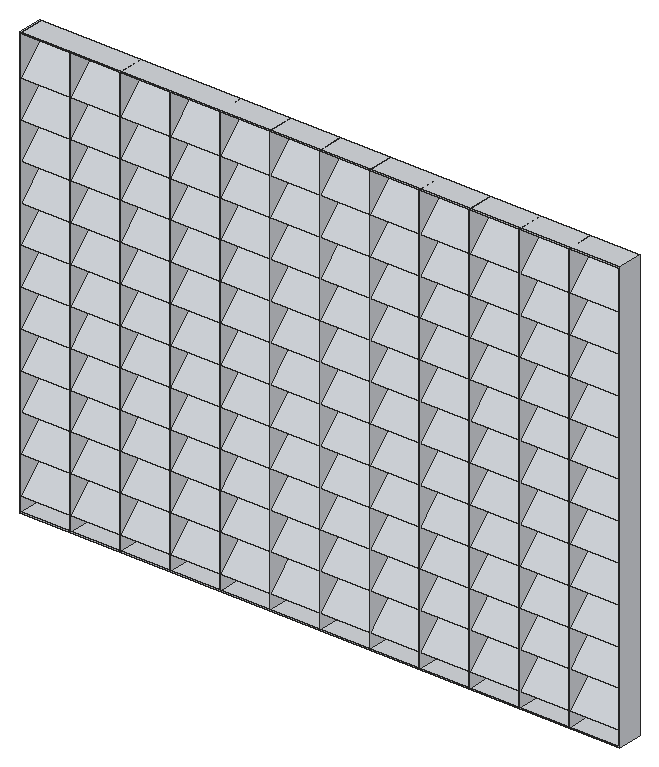
Revit family "Cube Louver Screen", category Mechanical Equipment, Revit 2015
Parameters
  VBar Number [instance] = ((Exact Width / 2) - Frame Thickness) / A  # 6
  VBar Height [instance] = Exact Height - Frame Thickness * 2  # 5' - 8 3/4"
  URL = "http://unitedenertech.com/catalog/pdf/D_7%20Cube%20Louver%20Screen.pdf"
  Type Comments = "Max. Single Section Sizes are (120\"w x 84\"h) or (84\"w x 120\"h)"
  Model = "Cube Louver Screen"
  Manufacturer = "United Enertech Corporation"
  Keynote = "See Submittal for Max. A, B, Depth, and Thickness Values."
  HBar Width [instance] = Exact Width - Frame Thickness * 2  # 7' - 11 3/4"
  HBar Number [instance] = ((Exact Height / 2) - Frame Thickness) / B  # 6
  Frame Thickness = 0' - 0 1/8"
  Exact Width = 8' - 0"
  Exact Height = 5' - 9"
  Description = "Cube Louver Architectural Grille. Bar Frame Shown, consult Factory for Tube or Channel Frame Models."
  Depth = 0' - 4"
  Center Offset [instance] = ((tan(Blade Angle)) * Depth) / 2  # 0' - 2"
  Blade Angle = 45.00°
  B = 0' - 6"
  A = 0' - 8"
Reference planes (in)
  plane 1 "Center (Front/Back)": y = 0
  plane 2: z = 0
  plane 3 "Center (Left/Right)": x = 0
  plane 4: x = -48
  plane 5: x = 48
  plane 6: y = 2
  plane 7: y = -2
  plane 8: z = 69
  plane 9: z = 34.5
  plane 10: x = -47.875
  plane 11: x = 47.875
  plane 12: z = 0.125
  plane 13: z = 68.875
  plane 14: x = 0.0625
  plane 15: z = 32.5
Forms (in)
  Extrusion 1, solid
    sketch origin (0, 0, 0) x (1, 0, 0) y (0, 0, 1)
      loop
        line (-47.875, 68.875) -> (-47.875, 0.125) -> (47.875, 0.125) -> (47.875, 68.875) -> (-47.875, 68.875)
      loop
        line (-48, 69) -> (-48, 0) -> (48, 0) -> (48, 69) -> (-48, 69)
    from -2 to 2
Dimensions and locks (in)
  "Exact Width": plane 4 to plane 5
  "Depth": plane 6 to plane 7
  equal spacing: plane 4, plane 3 "Center (Left/Right)", plane 5
  equal spacing: plane 6, plane 1 "Center (Front/Back)", plane 7
  equal spacing: plane 8, plane 9, level
  "Exact Height": plane 8 to level
  "Frame Thickness": plane 11 to plane 5
  "Frame Thickness": plane 4 to plane 10
  "Frame Thickness": plane 12 to level
  "Frame Thickness": plane 8 to plane 13
  locked: plane 3 "Center (Left/Right)" to plane 14 at 0.0625
  "Center Offset": plane 9 to plane 15
  equal spacing: group 1, group 2, group 3, group 4, group 8, group 21  (x3)
  "B": nested 2 to nested 3
  equal spacing: group 1, group 5, group 6, group 7, group 9, group 22  (x2)
  equal spacing: group 22, group 9, group 7, group 6, group 5, group 1
  "B": nested 6 to nested 2
  equal spacing: group 10, group 11, group 12, group 13, group 17, group 18  (x3)
  "A": nested 1 to nested 11
  equal spacing: group 20, group 19, group 16, group 15, group 14, group 10
  equal spacing: group 10, group 14, group 15, group 16, group 19, group 20  (x2)
  "A": nested 14 to nested 1
  aligned and locked: level to plane 2
  aligned and locked: level to Extrusion 1 sketch curve
  aligned and locked: plane 4 to Extrusion 1 sketch curve
  aligned and locked: Extrusion 1 sketch curve to plane 5
  aligned and locked: plane 12 to Extrusion 1 sketch curve
  aligned and locked: plane 11 to Extrusion 1 sketch curve
  aligned and locked: plane 10 to Extrusion 1 sketch curve
  aligned and locked: Extrusion 1 sketch curve to plane 8
  aligned and locked: plane 13 to Extrusion 1 sketch curve
  aligned and locked: Extrusion 1 to plane 6
  aligned and locked: Extrusion 1 to plane 7
  aligned and locked: nested 1 to plane 12
  aligned and locked: plane 14 to nested 1
  aligned and locked: nested 2 to plane 3 "Center (Left/Right)"
  aligned and locked: nested 2 to plane 15
  aligned and locked: plane 6 to nested 2
  aligned and locked: nested 3 to nested 2  (x2)
  aligned and locked: nested 2 to nested 6  (x2)
  aligned and locked: nested 1 to plane 1 "Center (Front/Back)"
  aligned and locked: nested 1 to nested 11
  aligned and locked: nested 14 to nested 1
Nested families (in)
  nested 1: "VBAR" at (0.0625, -2, 0.125), type "VBAR"
    with H 5' - 8 3/4", D 0' - 4"
  nested 2: "HBARRR" at (0, -2, 32.5) x (-1, 0, 0) z (0, 0, 1), type "HBARRR"
    with W 7' - 11 3/4", D 0' - 4"
  nested 3: "HBARRR" at (0, -2, 38.5) x (-1, 0, 0) z (0, 0, 1), type "HBARRR"
    with W 7' - 11 3/4", D 0' - 4"
  nested 4: "HBARRR" at (0, -2, 44.5) x (-1, 0, 0) z (0, 0, 1), type "HBARRR"
    with W 7' - 11 3/4", D 0' - 4"
  nested 5: "HBARRR" at (0, -2, 50.5) x (-1, 0, 0) z (0, 0, 1), type "HBARRR"
    with W 7' - 11 3/4", D 0' - 4"
  nested 6: "HBARRR" at (0, -2, 26.5) x (-1, 0, 0) z (0, 0, 1), type "HBARRR"
    with W 7' - 11 3/4", D 0' - 4"
  nested 7: "HBARRR" at (0, -2, 20.5) x (-1, 0, 0) z (0, 0, 1), type "HBARRR"
    with W 7' - 11 3/4", D 0' - 4"
  nested 8: "HBARRR" at (0, -2, 14.5) x (-1, 0, 0) z (0, 0, 1), type "HBARRR"
    with W 7' - 11 3/4", D 0' - 4"
  nested 9: "HBARRR" at (0, -2, 56.5) x (-1, 0, 0) z (0, 0, 1), type "HBARRR"
    with W 7' - 11 3/4", D 0' - 4"
  nested 10: "HBARRR" at (0, -2, 8.5) x (-1, 0, 0) z (0, 0, 1), type "HBARRR"
    with W 7' - 11 3/4", D 0' - 4"
  nested 11: "VBAR" at (8.0625, -2, 0.125), type "VBAR"
    with H 5' - 8 3/4", D 0' - 4"
  nested 12: "VBAR" at (16.0625, -2, 0.125), type "VBAR"
    with H 5' - 8 3/4", D 0' - 4"
  nested 13: "VBAR" at (24.0625, -2, 0.125), type "VBAR"
    with H 5' - 8 3/4", D 0' - 4"
  nested 14: "VBAR" at (-7.9375, -2, 0.125), type "VBAR"
    with H 5' - 8 3/4", D 0' - 4"
  nested 15: "VBAR" at (-15.9375, -2, 0.125), type "VBAR"
    with H 5' - 8 3/4", D 0' - 4"
  nested 16: "VBAR" at (-23.9375, -2, 0.125), type "VBAR"
    with H 5' - 8 3/4", D 0' - 4"
  nested 17: "VBAR" at (32.0625, -2, 0.125), type "VBAR"
    with H 5' - 8 3/4", D 0' - 4"
  nested 18: "VBAR" at (40.0625, -2, 0.125), type "VBAR"
    with H 5' - 8 3/4", D 0' - 4"
  nested 19: "VBAR" at (-31.9375, -2, 0.125), type "VBAR"
    with H 5' - 8 3/4", D 0' - 4"
  nested 20: "VBAR" at (-39.9375, -2, 0.125), type "VBAR"
    with H 5' - 8 3/4", D 0' - 4"
  nested 21: "HBARRR" at (0, -2, 62.5) x (-1, 0, 0) z (0, 0, 1), type "HBARRR"
    with W 7' - 11 3/4", D 0' - 4"
  nested 22: "HBARRR" at (0, -2, 2.5) x (-1, 0, 0) z (0, 0, 1), type "HBARRR"
    with W 7' - 11 3/4", D 0' - 4"
Definition of nested family "VBAR"
  Parameters (values of type "VBAR")
    W = 0' - 0 1/8"
    H = 5' - 6 3/4"
    D = 0' - 2"
  Reference planes (in)
    plane 1 "Center (Front/Back)": y = 0
    plane 2: z = 0
    plane 3 "Center (Left/Right)": x = 0
    plane 4: x = -0.125
    plane 5: y = 2
    plane 6: z = 66.75
    plane 7: y = 1
  Forms (in)
    Extrusion 1, solid
      sketch origin (0, 0, 0) x (1, 0, 0) y (0, 1, 0)
        loop
          line (-0.125, 2) -> (-0.125, 0) -> (0, 0) -> (0, 2) -> (-0.125, 2)
      from 0 to 66.75
  Dimensions and locks (in)
    "D": plane 1 "Center (Front/Back)" to plane 5
    "W": plane 4 to plane 3 "Center (Left/Right)"
    "H": plane 6 to level
    equal spacing: plane 5, plane 7, plane 1 "Center (Front/Back)"
    aligned and locked: level to plane 2
    aligned and locked: Extrusion 1 sketch curve to plane 3 "Center (Left/Right)"
    aligned and locked: Extrusion 1 sketch curve to plane 5
    aligned and locked: Extrusion 1 sketch curve to plane 1 "Center (Front/Back)"
    aligned and locked: Extrusion 1 sketch curve to plane 4
    aligned and locked: plane 6 to Extrusion 1
    aligned and locked: Extrusion 1 to level
Definition of nested family "HBARRR"
  Parameters (values of type "HBARRR")
    W = 6' - 1.51353"
    D = 0' - 8"
    Angle = 45.00°
  Reference planes (in)
    plane 1 "Center (Front/Back)": y = 0
    plane 2: z = 0
    plane 3 "Center (Left/Right)": x = 0
    plane 4: y = -8
    plane 5: x = -36.75677
    plane 6: x = 36.75677
  Forms (in)
    Extrusion 1, solid
      sketch origin (0, 0, 0) x (0, 1, 0) y (0, 0, 1)
        loop
          line (0, 0) -> (-8, 8) -> (-8, 7.82322) -> (-0.17678, 0) -> (0, 0)
      from -36.75677 to 36.75677
  Dimensions and locks (in)
    "D": plane 1 "Center (Front/Back)" to plane 4
    equal spacing: plane 6, plane 3 "Center (Left/Right)", plane 5
    "W": plane 6 to plane 5
    "Angle": angle level to Extrusion 1 sketch curve
    aligned and locked: level to plane 2
    aligned and locked: Extrusion 1 sketch curve to level
    aligned and locked: plane 6 to Extrusion 1
    aligned and locked: Extrusion 1 to plane 5
  Automatic sketch dimensions
    Extrusion 1 sketch curve to plane 4 = 0' - 0"
    Extrusion 1 sketch curve to plane 1 "Center (Front/Back)" = 0' - 0"
    plane 1 "Center (Front/Back)" to Extrusion 1 sketch curve = 0' - 0.17678"
    Extrusion 1 sketch curve to Extrusion 1 sketch curve = 0' - 0.17678"
